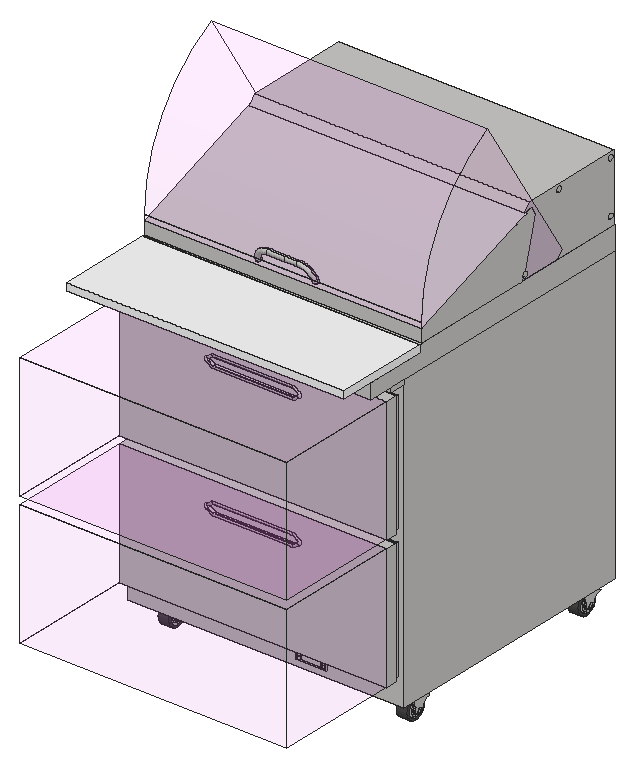
Revit family "QF_Kelvinator_738286_KCHMT29.12.2D_2-Drawer_Mega_Top_Prep_Table_29_Long", category Specialty Equipment, Revit 2021
Family settings
  Round Connector Dimension = Use Diameter
  Part Type = Normal
  Work Plane-Based = No
  Always vertical = Yes
  Cut with Voids When Loaded = No
  Shared = No
  Room Calculation Point = No
Parameters
  Weight in Pounds = 207.235
  Watts = 500 W
  Volts = 115 V
  URL Cutsheet = ""
  Specification by User = ""
  Specification by Manufacturer = ""
  Serial Number = ""
  Seismic Rating = ""
  SMACNA No = ""
  Revision Code = ""
  Refrigerant Type = "R290"
  Phase = 1
  Number of Poles = 1
  NAFEM Spec ID Number = ""
  Model = "738286 (KCHMT29.12.2D)"
  Min Ckt Ampacity = 0 A
  Max Overcurrent Protection = 0 A
  Masterspec = ""
  Manufacturer = "Kelvinator Commercial"
  Length = 28.937"
  Item Number = "738286"
  Installed By = ""
  Identify Quantity as Lot = yes
  Height = 43.307"
  HP = "1/5"
  Furnished By = ""
  Foodservice Equipment Identifier = yes
  FL Amps = 3 A
  Electrical Remarks = ""
  Electric Connection Type = ""
  Elec Conn RI Height = 0.000"
  Elec Conn Connection Height = 0.000"
  Description = "2-Drawer Mega Top Prep Table 29\" Long"
  Depth = 35.433"
  Default Elevation = 0.000"
  Cycle = 60 Hz
  Conn Plug = "5-15P"
  Conn Conduit = yes
  CSI MasterFormat = ""
  Apparent Power = 0 VA
Reference planes (in)
  plane 1 "BACK": y = 0
  plane 2: z = 0
  plane 3 "LEFT": x = 0
  plane 4 "RIGHT": x = 28.937
  plane 5 "FRONT": y = -35.433
  plane 6 "TOP": z = 43.307
  plane 7 "Center Y": x = 14.4685
  plane 8 "Center X": y = -17.7165
Dimensions and locks (in)
  equal spacing: plane 3 "LEFT", plane 7 "Center Y", plane 4 "RIGHT"
  "Length": plane 3 "LEFT" to plane 4 "RIGHT"
  equal spacing: plane 5 "FRONT", plane 8 "Center X", plane 1 "BACK"
  "Depth": plane 5 "FRONT" to plane 1 "BACK"
  "Height": plane 6 "TOP" to level
  aligned and locked: level to plane 2
Nested families (in)
  nested 1: "Family7" at (0, 0, 0), type "Family7"
    with Show Clearance yes
Connectors (in)
  electrical at (14.46875, -0.87772, 2.31881), driven by "Volts", driven by "Watts"
    settings: on nested 1, index 1, voltage 115 V, apparent load 500 VA, apparent load phase1 0 VA, apparent load phase2 0 VA, apparent load phase3 0 VA, power factor 1, load classification "Power", number of poles 1, system type 30, power factor state 1, is connector primary yes, connector utility no, sub classification motor no, connector description "Electrical Connection"
Definition of nested family "Family7"
  Parameters (values of type "Family7")
    Weight in Pounds = 0
    URL Cutsheet = ""
    Specification by User = ""
    Specification by Manufacturer = ""
    Show Clearance [instance] = yes
    Serial Number = ""
    Seismic Rating = ""
    SMACNA No = ""
    Revision Code = ""
    NAFEM Spec ID Number = ""
    Masterspec = ""
    Length = 28.937"
    Item Number = ""
    Installed By = ""
    Identify Quantity as Lot = yes
    Height = 43.307"
    Furnished By = ""
    Foodservice Equipment Identifier = yes
    Depth = 35.433"
    Default Elevation = 0.000"
    CSI MasterFormat = ""
  Reference planes (in)
    plane 1 "BACK": y = 0
    plane 2: z = 0
    plane 3 "LEFT": x = 0
    plane 4 "RIGHT": x = 28.937
    plane 5 "FRONT": y = -35.433
    plane 6 "TOP": z = 43.307
    plane 7 "Center Y": x = 14.4685
    plane 8 "Center X": y = -17.7165
    plane 9: z = 3.1
    plane 10: z = 33.9
    plane 11: y = -25.5
    plane 12: z = 36.307
    plane 13: y = -29.2
    plane 14: z = 32.4
    plane 15: z = 5.6
    plane 16: y = -27.5
    plane 17: x = 26.937
    plane 18: x = 2
    plane 19: y = -31.9
    plane 20: z = 19.4
    plane 21: z = 18.6
    plane 22: z = 32.20449
    plane 23: z = 19.6
    plane 24: z = 18.40449
    plane 25: z = 5.8
  Forms (in)
    Extrusion 1, solid
      sketch origin (0, 0, 0) x (0, 1, 0) y (0, 0, 1)
        loop
          line (-27.5, 33.9) -> (-27.5, 3.1) -> (0, 3.1) -> (0, 33.9) -> (-27.5, 33.9)
      from 0 to 28.9375
    Extrusion 2, solid
      sketch origin (0, 0, 0) x (0, 1, 0) y (0, 0, 1)
        loop
          line (-25.5, 36.307) -> (-25.5, 35.557) -> (-31.9, 35.557) -> (-31.9, 33.9) -> (0, 33.9) -> (0, 36.307) -> (-25.5, 36.307)
      from 0 to 28.9375
    Extrusion 3, solid
      sketch origin (0, 0, 0) x (0, 1, 0) y (0, 0, 1)
        loop
          line (-35.433, 36.307) -> (-35.433, 35.557) -> (-25.5, 35.557) -> (-25.5, 36.307) -> (-35.433, 36.307)
      from 0 to 28.9375
    Extrusion 4, solid
      sketch origin (0, 0, 0) x (0, 1, 0) y (0, 0, 1)
        loop
          line (-25.25, 36.307) -> (-12.40435, 36.3073)
          arc (-12.40435, 36.3073) -> (-12.06401, 36.40719) -> (-11.82007, 36.66468) r 0.68096
          line (-11.82007, 36.66468) -> (-10.4206, 41.90007) -> (-10.85311, 42.7135) -> (-25.25, 37.6239) -> (-25.25, 36.307)
      from 0 to 28.9375
    Extrusion 5, solid
      sketch origin (0, 0, 0) x (0, 1, 0) y (0, 0, 1)
        loop
          line (-12.40434, 36.307) -> (0, 36.307) -> (0, 43.307) -> (-10.99775, 43.307) -> (-11.58944, 42.46198) -> (-10.85311, 42.7135) -> (-10.4206, 41.90007) -> (-11.82007, 36.66468)
          arc (-11.82007, 36.66468) -> (-12.06401, 36.40719) -> (-12.40434, 36.307) r 0.68096
      from 0.07437 to 28.86109
    Extrusion 6, solid
      sketch origin (28.9375, 4.71875, 0) x (0, 1, 0) y (0, 0, 1)
        loop
          circle (-16.51178, 36.83247) r 0.25
      from 0 to 0.07437
    Extrusion 7, solid
      sketch origin (28.86109, 0, 0) x (0, 1, 0) y (0, 0, 1)
        loop
          circle (-0.51178, 37.33247) r 0.25
      from 0 to 0.07437
    Extrusion 8, solid
      sketch origin (28.86109, 0, 0) x (0, 1, 0) y (0, 0, 1)
        loop
          circle (-0.51178, 42.84497) r 0.25
      from 0 to 0.07641
    Extrusion 9, solid
      sketch origin (28.86109, 0, 0) x (0, 1, 0) y (0, 0, 1)
        loop
          circle (-7.26178, 42.84497) r 0.25
      from 0 to 0.07641
    Extrusion 10, solid
      sketch origin (0, 0, 0) x (0, 1, 0) y (0, 0, -1)
        loop
          circle (-12.25953, -36.83247) r 0.25
      from 0 to 0.07437
    Extrusion 11, solid
      sketch origin (0.11123, -0.03482, 0) x (0, 1, 0) y (0, 0, -1)
        loop
          circle (-0.51178, -37.33247) r 0.25
      from 0 to 0.07437
    Extrusion 12, solid
      sketch origin (0.07437, -0.03482, 0) x (0, 1, 0) y (0, 0, -1)
        loop
          circle (-0.51178, -42.84497) r 0.25
      from 0 to 0.07437
    Extrusion 13, solid
      sketch origin (0.07437, -0.03482, 0) x (0, 1, 0) y (0, 0, -1)
        loop
          circle (-7.26178, -42.84497) r 0.25
      from 0 to 0.07437
    Sweep 14, solid
      path origin (0, 3.99087, 8.19085) x (1, 0, 0) y (0, -0.323051, 0.946381)
        loop
          line (12.156, 37.2) -> (12.156, 37.35625)
          arc (12.156, 37.35625) -> (12.37567, 37.88658) -> (12.906, 38.10625) r 0.75
          line (12.906, 38.10625) -> (14.781, 38.10625) -> (16.031, 38.10625)
          arc (16.031, 38.10625) -> (16.56133, 37.88658) -> (16.781, 37.35625) r 0.75
          line (16.781, 37.35625) -> (16.781, 37.2)
      profile origin (15.406, -8.3194, 44.2539) x (0, -0.323051, 0.946381) y (0, -0.946381, -0.323051)
        loop
          circle (0.69146, 17.59878) r 0.25
    Extrusion 15, solid
      sketch origin (0, 0, 0) x (0, 1, 0) y (0, 0, 1)
        loop
          line (-29.2, 33.9) -> (-29.2, 33.4) -> (-27.5, 33.4) -> (-27.5, 33.9) -> (-29.2, 33.9)
      from 0 to 28.9375
    Extrusion 16, solid
      sketch origin (14.4685, 6.90541, 48) x (0, 1, 0) y (0, 0, 1)
        loop
          line (-36.10541, -15.6) -> (-36.10541, -28.6) -> (-34.95211, -28.6) -> (-34.95211, -15.6) -> (-36.10541, -15.6)
      from 13.96875 to -13.96875
    Extrusion 17, solid
      sketch origin (0, 0, 0) x (0, 1, 0) y (0, 0, 1)
        loop
          line (-28.04671, 32.20449) -> (-28.04671, 19.6) -> (-27.79671, 19.6) -> (-27.79671, 32.20449) -> (-28.04671, 32.20449)
      from 0.74536 to 28.21347
    Extrusion 18, solid
      sketch origin (0, 0.25, 0) x (0, 1, 0) y (0, 0, 1)
        loop
          line (-28.04671, 32.20449) -> (-28.04671, 19.6) -> (-27.864, 19.6) -> (-27.864, 32.20449) -> (-28.04671, 32.20449)
      from 0.74536 to 28.21347
    Extrusion 19, solid
      sketch origin (0, 0.4327, 0) x (0, 1, 0) y (0, 0, 1)
        loop
          line (-28.04671, 32.20449) -> (-28.04671, 19.6) -> (-27.9327, 19.6) -> (-27.9327, 32.20449) -> (-28.04671, 32.20449)
      from 0.74536 to 28.21347
    Extrusion 20, solid
      sketch origin (-5.72957, -27.5, -4.77927) x (-1, 0, 0) y (0, 0, 1)
        loop
          line (-23.36233, 9.70772) -> (-26.51193, 9.70772) -> (-26.51193, 8.52662) -> (-23.36233, 8.52662) -> (-23.36233, 9.70772)
        loop
          line (-23.44107, 9.63107) -> (-23.83477, 9.63107) -> (-23.83477, 9.31193) -> (-23.44107, 9.31193) -> (-23.44107, 9.63107)
        loop
          line (-23.44107, 9.27674) -> (-23.83477, 9.27674) -> (-23.83477, 8.9576) -> (-23.44107, 8.9576) -> (-23.44107, 9.27674)
        loop
          line (-23.44107, 8.92241) -> (-23.83477, 8.92241) -> (-23.83477, 8.60327) -> (-23.44107, 8.60327) -> (-23.44107, 8.92241)
        loop
          line (-26.43319, 9.63107) -> (-26.43319, 9.31193) -> (-26.03949, 9.31193) -> (-26.03949, 9.63107) -> (-26.43319, 9.63107)
        loop
          line (-26.43319, 9.27674) -> (-26.43319, 8.9576) -> (-26.03949, 8.9576) -> (-26.03949, 9.27674) -> (-26.43319, 9.27674)
        loop
          line (-26.43319, 8.92241) -> (-26.43319, 8.60327) -> (-26.03949, 8.60327) -> (-26.03949, 8.92241) -> (-26.43319, 8.92241)
        loop
          line (-23.91225, 9.63107) -> (-25.96201, 9.63107) -> (-25.96201, 8.60716) -> (-23.91225, 8.60716) -> (-23.91225, 9.63107)
      from 0.07874 to -0.04602
    Extrusion 21, solid
      sketch origin (-5.72957, -27.54602, -4.77927) x (1, 0, 0) y (0, 0, 1)
        loop
          line (26.03949, 9.63107) -> (26.03949, 9.31193) -> (26.43319, 9.31193) -> (26.43319, 9.63107) -> (26.03949, 9.63107)
        loop
          line (26.03949, 9.27674) -> (26.03949, 8.9576) -> (26.43319, 8.9576) -> (26.43319, 9.27674) -> (26.03949, 9.27674)
        loop
          line (26.03949, 8.92241) -> (26.03949, 8.60327) -> (26.43319, 8.60327) -> (26.43319, 8.92241) -> (26.03949, 8.92241)
        loop
          line (23.83477, 9.63107) -> (23.44107, 9.63107) -> (23.44107, 9.31193) -> (23.83477, 9.31193) -> (23.83477, 9.63107)
        loop
          line (23.83477, 9.27674) -> (23.44107, 9.27674) -> (23.44107, 8.9576) -> (23.83477, 8.9576) -> (23.83477, 9.27674)
        loop
          line (23.83477, 8.92241) -> (23.44107, 8.92241) -> (23.44107, 8.60327) -> (23.83477, 8.60327) -> (23.83477, 8.92241)
      from 0 to -0.07874
    Extrusion 22, solid
      sketch origin (-5.72957, -27.54602, -4.77927) x (1, 0, 0) y (0, 0, 1)
        loop
          line (23.91225, 9.63107) -> (23.91225, 8.60716) -> (25.96201, 8.60716) -> (25.96201, 9.63107) -> (23.91225, 9.63107)
      from 0 to -0.07874
    Extrusion 23, void
      sketch origin (-5.72957, -27.5, -4.77927) x (-1, 0, 0) y (0, 0, 1)
        loop
          line (-23.36233, 9.70772) -> (-26.51193, 9.70772) -> (-26.51193, 8.52662) -> (-23.36233, 8.52662) -> (-23.36233, 9.70772)
      from 0 to 0.07874
    Extrusion 24, void
      sketch origin (-15.80943, -29.19996, 32.2056) x (0, 0, 1) y (1, 0, 0)
        loop
          line (-1.94791, 26.10293) -> (-1.94791, 34.45293) -> (-2.28604, 34.99393)
          arc (-2.28604, 34.99393) -> (-2.38541, 35.04901) -> (-2.48479, 34.99393) r 0.11719
          line (-2.48479, 34.99393) -> (-2.82291, 34.45293) -> (-2.82291, 26.10293) -> (-2.48621, 25.56421)
          arc (-2.48621, 25.56421) -> (-2.38541, 25.50834) -> (-2.28462, 25.56421) r 0.11887
          line (-2.28462, 25.56421) -> (-1.94791, 26.10293)
      from 0 to 0.31887
    Sweep 25, solid
      path origin (-15.80943, -26.39996, 32.2056) x (0, 0, -1) y (1, 0, 0)
        loop
          line (2.82291, 34.45293) -> (2.48479, 34.99393)
          arc (2.48479, 34.99393) -> (2.38541, 35.04901) -> (2.28604, 34.99393) r 0.11719
          line (2.28604, 34.99393) -> (1.94791, 34.45293) -> (1.94791, 26.10293) -> (2.28462, 25.56421)
          arc (2.28462, 25.56421) -> (2.38541, 25.50834) -> (2.48621, 25.56421) r 0.11887
          line (2.48621, 25.56421) -> (2.82291, 26.10293) -> (2.82291, 34.45293)
      profile origin (14.4685, -26.39996, 29.38269) x (0, 0, -1) y (0, -1, 0)
        loop
          line (0, 2.8) -> (0.25, 2.8)
          arc (0.25, 2.8) -> (0.125, 2.85269) -> (0, 2.8) r 0.17461
    Extrusion 26, solid
      sketch origin (0, -3.56521, 3.1) x (-1, 0, 0) y (0, 1, 0)
        loop
          circle (-14.46875, 2.68749) r 0.25
      from 0 to 0.78119
    Extrusion 27, solid
      sketch origin (14.4685, 6.90541, 34.2) x (0, 1, 0) y (0, 0, 1)
        loop
          line (-36.10541, -15.6) -> (-36.10541, -28.6) -> (-34.95211, -28.6) -> (-34.95211, -15.6) -> (-36.10541, -15.6)
      from 13.96875 to -13.96875
    Extrusion 28, solid
      sketch origin (0, 0, -13.8) x (0, 1, 0) y (0, 0, 1)
        loop
          line (-28.04671, 32.20449) -> (-28.04671, 19.6) -> (-27.79671, 19.6) -> (-27.79671, 32.20449) -> (-28.04671, 32.20449)
      from 0.74536 to 28.21347
    Extrusion 29, solid
      sketch origin (0, 0.25, -13.8) x (0, 1, 0) y (0, 0, 1)
        loop
          line (-28.04671, 32.20449) -> (-28.04671, 19.6) -> (-27.864, 19.6) -> (-27.864, 32.20449) -> (-28.04671, 32.20449)
      from 0.74536 to 28.21347
    Extrusion 30, solid
      sketch origin (0, 0.4327, -13.8) x (0, 1, 0) y (0, 0, 1)
        loop
          line (-28.04671, 32.20449) -> (-28.04671, 19.6) -> (-27.9327, 19.6) -> (-27.9327, 32.20449) -> (-28.04671, 32.20449)
      from 0.74536 to 28.21347
    Extrusion 31, void
      sketch origin (-15.80943, -29.19996, 18.4056) x (0, 0, 1) y (1, 0, 0)
        loop
          line (-1.94791, 26.10293) -> (-1.94791, 34.45293) -> (-2.28604, 34.99393)
          arc (-2.28604, 34.99393) -> (-2.38541, 35.04901) -> (-2.48479, 34.99393) r 0.11719
          line (-2.48479, 34.99393) -> (-2.82291, 34.45293) -> (-2.82291, 26.10293) -> (-2.48621, 25.56421)
          arc (-2.48621, 25.56421) -> (-2.38541, 25.50834) -> (-2.28462, 25.56421) r 0.11887
          line (-2.28462, 25.56421) -> (-1.94791, 26.10293)
      from 0 to 0.31887
    Sweep 32, solid
      path origin (-15.80943, -26.39996, 18.4056) x (0, 0, -1) y (1, 0, 0)
        loop
          line (2.82291, 34.45293) -> (2.48479, 34.99393)
          arc (2.48479, 34.99393) -> (2.38541, 35.04901) -> (2.28604, 34.99393) r 0.11719
          line (2.28604, 34.99393) -> (1.94791, 34.45293) -> (1.94791, 26.10293) -> (2.28462, 25.56421)
          arc (2.28462, 25.56421) -> (2.38541, 25.50834) -> (2.48621, 25.56421) r 0.11887
          line (2.48621, 25.56421) -> (2.82291, 26.10293) -> (2.82291, 34.45293)
      profile origin (14.4685, -26.39996, 15.58269) x (0, 0, -1) y (0, -1, 0)
        loop
          line (0, 2.8) -> (0.25, 2.8)
          arc (0.25, 2.8) -> (0.125, 2.85269) -> (0, 2.8) r 0.17461
    Extrusion 33, solid, visible <- "Show Clearance"
      sketch origin (28.43725, 6.90541, 48) x (0, 1, 0) y (0, 0, 1)
        loop
          line (-36.10541, -28.6) -> (-36.10541, -15.6) -> (-49.10541, -15.6) -> (-49.10541, -28.6) -> (-36.10541, -28.6)
        loop
          line (-36.10541, -42.4) -> (-36.10541, -29.4) -> (-49.10541, -29.4) -> (-49.10541, -42.4) -> (-36.10541, -42.4)
      from 0 to -27.9375
    Extrusion 34, solid, visible <- "Show Clearance"
      sketch origin (0, -7, -0.0125) x (0, -1, 0) y (0, 0, 1)
        loop
          line (0.46898, 36.3195) -> (18.25, 36.3195) -> (18.25, 38.20821)
          arc (18.25, 38.20821) -> (15.89455, 46.6191) -> (9.51337, 52.58332) r 16.19461
          line (9.51337, 52.58332) -> (-0.20479, 36.9478) -> (0.46898, 36.3195)
      from 0 to -28.9375
  Cuts and joins
    Extrusion 23 cuts Extrusion 20
    Extrusion 24, Extrusion 31 cuts Extrusion 16
    Extrusion 31 cuts Extrusion 27
  Lines and regions (in)
    symbolic lines
      curve 1: line (28.937, -35.433, 0) -> (28.937, 0, 0)
      curve 2: line (28.937, 0, 0) -> (0, 0, 0)
      curve 3: line (0, 0, 0) -> (0, -35.433, 0)
      curve 4: line (0, -25.5, 0) -> (11.94915, -25.5, 0)
      curve 5: line (0, -35.433, 0) -> (28.937, -35.433, 0)
      curve 6: line (0, -25.25, 0) -> (11.6887, -25.25, 0)
      curve 7: line (0.07437, -11.58944, 0) -> (28.86059, -11.58944, 0)
      curve 8: line (0.07437, -10.99775, 0) -> (28.86059, -10.99775, 0)
      curve 9: line (28.86059, -11.58944, 0) -> (28.86059, 0, 0)
      curve 10: line (0.07437, -11.58944, 0) -> (0.07437, 0, 0)
      curve 11: line (-0.07437, -12.50953, 0) -> (-0.07437, -12.00953, 0)
      curve 12: line (-0.07437, -12.00953, 0) -> (0, -12.00953, 0)
      curve 13: line (-0.07437, -12.50953, 0) -> (0, -12.50953, 0)
      curve 14: line (0, -10.4206, 0) -> (0.07437, -10.4206, 0)
      curve 15: line (0, -10.85311, 0) -> (0.07437, -10.85311, 0)
      curve 16: line (0, -8.01304, 0) -> (0.07437, -8.01304, 0)
      curve 17: line (0, -7.5129, 0) -> (0.07437, -7.5129, 0)
      curve 18: line (0, -0.29529, 0) -> (0.07437, -0.29529, 0)
      curve 19: line (0, -0.79529, 0) -> (0.07437, -0.79529, 0)
      curve 20: line (29.01137, -12.50953, 0) -> (29.01137, -12.00953, 0)
      curve 21: line (29.01137, -12.00953, 0) -> (28.937, -12.00953, 0)
      curve 22: line (29.01137, -12.50953, 0) -> (28.937, -12.50953, 0)
      curve 23: line (28.937, -10.4206, 0) -> (28.86059, -10.4206, 0)
      curve 24: line (28.937, -10.85311, 0) -> (28.86059, -10.85311, 0)
      curve 25: line (28.937, -7.97828, 0) -> (28.86059, -7.97828, 0)
      curve 26: line (28.937, -7.47828, 0) -> (28.86059, -7.47828, 0)
      curve 27: line (28.937, -0.76178, 0) -> (28.86059, -0.76178, 0)
      curve 28: line (28.937, -0.26178, 0) -> (28.86059, -0.26178, 0)
      curve 29: spline (11.21454, -24.65351, 0) -> (11.22306, -24.59638, 0) -> (11.24803, -24.54314, 0) -> (11.28776, -24.49742, 0) -> (11.33954, -24.46234, 0) -> (11.39984, -24.44029, 0) -> (11.46454, -24.43277, 0) -> (11.52925, -24.44029, 0) -> (11.58954, -24.46234, 0) -> (11.64132, -24.49742, 0) -> (11.68105, -24.54314, 0) -> (11.70602, -24.59638, 0) -> (11.71454, -24.65351, 0)
      curve 30: spline (17.22246, -24.65351, 0) -> (17.23098, -24.59638, 0) -> (17.25595, -24.54314, 0) -> (17.29568, -24.49742, 0) -> (17.34746, -24.46234, 0) -> (17.40775, -24.44029, 0) -> (17.47246, -24.43277, 0) -> (17.53716, -24.44029, 0) -> (17.59746, -24.46234, 0) -> (17.64924, -24.49742, 0) -> (17.68897, -24.54314, 0) -> (17.71394, -24.59638, 0) -> (17.72246, -24.65351, 0)
      curve 31: line (14.4685, -24.94775, 0) -> (16.20646, -24.94775, 0)
      curve 32: line (14.4685, -25.44761, 0) -> (16.19122, -25.44761, 0)
      curve 33: line (17.72246, -24.65351, 0) -> (17.72246, -24.76273, 0)
      curve 34: line (17.22246, -24.65351, 0) -> (17.22246, -24.70254, 0)
      curve 35: line (14.4685, -24.94775, 0) -> (12.83564, -24.94775, 0)
      curve 36: line (14.4685, -25.44761, 0) -> (12.74578, -25.44761, 0)
      curve 37: line (11.21454, -24.65351, 0) -> (11.21454, -24.76273, 0)
      curve 38: line (11.71454, -24.65351, 0) -> (11.71454, -24.70254, 0)
      curve 39: line (17.2483, -25.25, 0) -> (28.937, -25.25, 0)
      curve 40: line (11.94915, -25.5, 0) -> (28.937, -25.5, 0)
      curve 44: arc (17.22246, -24.70254, 0) -> (16.72905, -24.88558, 0) -> (16.20646, -24.94775, 0) r 2.22739
      curve 45: arc (11.71454, -24.70254, 0) -> (12.24241, -24.89361, 0) -> (12.80129, -24.94663, 0) r 2.22739
      curve 46: arc (12.83564, -24.94775, 0) -> (12.81847, -24.94693, 0) -> (12.80129, -24.94663, 0) r 0.57427
      curve 47: arc (17.72246, -24.76273, 0) -> (17.63163, -24.99217, 0) -> (17.44709, -25.156, 0) r 0.53229
      curve 48: arc (17.44709, -25.156, 0) -> (17.12632, -25.29612, 0) -> (16.78727, -25.38319, 0) r 2.1837
      curve 49: arc (16.78727, -25.38319, 0) -> (16.49027, -25.42486, 0) -> (16.19122, -25.44761, 0) r 4.72583
      curve 50: arc (11.21454, -24.76273, 0) -> (11.30537, -24.99217, 0) -> (11.48991, -25.156, 0) r 0.53229
      curve 51: arc (11.48991, -25.156, 0) -> (11.81068, -25.29612, 0) -> (12.14973, -25.38319, 0) r 2.1837
      curve 52: arc (12.14973, -25.38319, 0) -> (12.44673, -25.42486, 0) -> (12.74578, -25.44761, 0) r 4.72583
    symbolic lines, visible <- "Show Clearance"
      curve 41: line (0.5, -43.133, 0) -> (28.437, -43.133, 0)
      curve 42: line (28.437, -43.133, 0) -> (28.437, -35.433, 0)
      curve 43: line (0.5, -43.133, 0) -> (0.5, -35.433, 0)
  Dimensions and locks (in)
    equal spacing: plane 3 "LEFT", plane 7 "Center Y", plane 4 "RIGHT"
    "Length": plane 3 "LEFT" to plane 4 "RIGHT"
    equal spacing: plane 5 "FRONT", plane 8 "Center X", plane 1 "BACK"
    "Depth": plane 5 "FRONT" to plane 1 "BACK"
    "Height": plane 6 "TOP" to level
    plane 5 "FRONT" to plane 1 "BACK" = 35.433"
    plane 11 to plane 1 "BACK" = 25.500"
    locked: plane 4 "RIGHT" to plane 17 at 2
    locked: plane 3 "LEFT" to plane 18 at 2
    plane 19 to plane 1 "BACK" = 31.900"
    plane 12 to plane 6 "TOP" = 7.000"
    level to plane 12 = 36.307"
    plane 15 to plane 21 = 13.000"
    plane 20 to plane 14 = 13.000"
    Extrusion 17 to Extrusion 16 = 12.800"
    aligned and locked: level to plane 2
    aligned and locked: plane 17 to nested 1
    aligned and locked: nested 2 to plane 18
  Automatic sketch dimensions
    plane 9 to Extrusion 1 sketch curve = 0.000"
    Extrusion 1 sketch curve to plane 16 = 0.000"
    Extrusion 1 sketch curve to plane 1 "BACK" = 0.000"
    Extrusion 1 sketch curve to plane 10 = 0.000"
    Extrusion 2 sketch curve to plane 10 = 0.000"
    Extrusion 2 sketch curve to plane 19 = 0.000"
    Extrusion 2 sketch curve to plane 11 = 0.000"
    Extrusion 2 sketch curve to plane 1 "BACK" = 0.000"
    plane 12 to Extrusion 2 sketch curve = 0.000"
    Extrusion 2 sketch curve to Extrusion 2 sketch curve = 0.750"
    Extrusion 3 sketch curve to plane 5 "FRONT" = 0.000"
    Extrusion 3 sketch curve to plane 11 = 0.000"
    plane 12 to Extrusion 3 sketch curve = 0.000"
    Extrusion 3 sketch curve to Extrusion 3 sketch curve = 0.750"
    plane 12 to Extrusion 4 sketch curve = 0.000"
    Extrusion 4 sketch curve to plane 11 = 0.250"
    Extrusion 4 sketch curve to plane 12 = 0.6811"
    plane 8 "Center X" to Extrusion 4 sketch curve = 5.29717"
    Extrusion 4 sketch curve to plane 12 = 0.35768"
    Extrusion 4 sketch curve to Extrusion 4 sketch curve = 0.59925"
    Extrusion 4 sketch curve to plane 6 "TOP" = 0.5935"
    Extrusion 4 sketch curve to Extrusion 4 sketch curve = 1.56621"
    Extrusion 4 sketch curve to plane 6 "TOP" = 1.40693"
    Extrusion 4 sketch curve to Extrusion 4 sketch curve = 0.43251"
    Extrusion 4 sketch curve to plane 12 = 1.3169"
    Extrusion 4 sketch curve to plane 12 = 0.0003"
    Extrusion 4 sketch curve to Extrusion 4 sketch curve = 0.00001"
    plane 12 to Extrusion 5 sketch curve = 0.000"
    Extrusion 5 sketch curve to plane 6 "TOP" = 0.000"
    Extrusion 5 sketch curve to plane 1 "BACK" = 0.000"
    Extrusion 5 sketch curve to plane 6 "TOP" = 1.40693"
    plane 8 "Center X" to Extrusion 5 sketch curve = 7.2959"
    Extrusion 5 sketch curve to plane 6 "TOP" = 0.5935"
    Extrusion 5 sketch curve to Extrusion 5 sketch curve = 0.43251"
    Extrusion 5 sketch curve to Extrusion 5 sketch curve = 0.14464"
    Extrusion 5 sketch curve to plane 6 "TOP" = 0.84502"
    Extrusion 5 sketch curve to Extrusion 5 sketch curve = 0.73633"
    Extrusion 5 sketch curve to plane 12 = 0.35768"
    Extrusion 5 sketch curve to Extrusion 5 sketch curve = 1.39947"
    Extrusion 5 sketch curve to Extrusion 5 sketch curve = 0.59925"
    Extrusion 5 sketch curve to Extrusion 5 sketch curve = 0.32342"
    Extrusion 5 sketch curve to Extrusion 5 sketch curve = 0.01499"
    Extrusion 5 sketch curve to plane 12 = 0.0003"
    Extrusion 6 sketch curve to Extrusion 4 = 0.52547"
    Extrusion 6 sketch curve to Extrusion 4 = 13.45697"
    Extrusion 7 sketch curve to Extrusion 5 = 0.51178"
    Extrusion 7 sketch curve to Extrusion 5 = 1.02547"
    Extrusion 8 sketch curve to Extrusion 5 = 0.51178"
    Extrusion 8 sketch curve to Extrusion 5 = 0.46203"
    Extrusion 9 sketch curve to Extrusion 5 = 0.46203"
    Extrusion 9 sketch curve to Extrusion 5 = 7.26178"
    Extrusion 10 sketch curve to plane 12 = 0.52547"
    plane 8 "Center X" to Extrusion 10 sketch curve = 5.45697"
    plane 1 "BACK" to Extrusion 11 sketch curve = 0.5466"
    Extrusion 11 sketch curve to plane 12 = 1.02547"
    plane 1 "BACK" to Extrusion 12 sketch curve = 0.5466"
    Extrusion 12 sketch curve to plane 6 "TOP" = 0.46203"
    Extrusion 13 sketch curve to plane 6 "TOP" = 0.46203"
    plane 1 "BACK" to Extrusion 13 sketch curve = 7.2966"
    Sweep 14 sketch curve to plane 7 "Center Y" = 2.3125"
    Sweep 14 sketch curve to Sweep 14 sketch curve = 0.750"  (x2)
    plane 7 "Center Y" to Sweep 14 sketch curve = 0.3125"
    Sweep 14 sketch curve to Sweep 14 sketch curve = 1.250"
    Sweep 14 sketch curve to Sweep 14 sketch curve = 0.15625"  (x2)
    Sweep 14 sketch curve to profile plane = 0.69146"
    profile plane to Sweep 14 sketch curve = 17.59878"
    Extrusion 15 sketch curve to plane 10 = 0.000"
    Extrusion 15 sketch curve to plane 13 = 0.000"
    Extrusion 15 sketch curve to plane 16 = 0.000"
    Extrusion 15 sketch curve to Extrusion 15 sketch curve = 0.500"
    Extrusion 16 sketch curve to plane 13 = 0.000"
    plane 20 to Extrusion 16 sketch curve = 0.000"
    plane 14 to Extrusion 16 sketch curve = 0.000"
    Extrusion 16 sketch curve to plane 16 = 0.54671"
    Extrusion 17 sketch curve to plane 23 = 0.000"
    Extrusion 17 sketch curve to plane 22 = 0.000"
    Extrusion 17 sketch curve to plane 16 = 0.54671"
    Extrusion 17 sketch curve to Extrusion 17 sketch curve = 0.250"
    Extrusion 18 sketch curve to plane 23 = 0.000"
    Extrusion 18 sketch curve to plane 22 = 0.000"
    Extrusion 18 sketch curve to plane 16 = 0.29671"
    Extrusion 18 sketch curve to plane 16 = 0.114"
    Extrusion 19 sketch curve to plane 23 = 0.000"
    Extrusion 19 sketch curve to plane 22 = 0.000"
    Extrusion 19 sketch curve to plane 16 = 0.000"
    Extrusion 19 sketch curve to Extrusion 19 sketch curve = 0.114"
    plane 15 to Extrusion 20 sketch curve = 0.67154"
    Extrusion 20 sketch curve to plane 17 = 6.15464"
    Extrusion 20 sketch curve to Extrusion 20 sketch curve = 0.07874"  (x3)
    Extrusion 20 sketch curve to Extrusion 20 sketch curve = 0.000"  (x7)
    Extrusion 20 sketch curve to Extrusion 20 sketch curve = 0.3937"  (x2)
    Extrusion 20 sketch curve to Extrusion 20 sketch curve = 0.07748"  (x3)
    Extrusion 20 sketch curve to plane 9 = 0.72789"
    Extrusion 20 sketch curve to Extrusion 20 sketch curve = 2.04976"
    Extrusion 20 sketch curve to Extrusion 20 sketch curve = 0.00389"  (x2)
    Extrusion 20 sketch curve to Extrusion 20 sketch curve = 0.07665"  (x3)
    Extrusion 20 sketch curve to Extrusion 20 sketch curve = 0.31914"  (x4)
    Extrusion 20 sketch curve to Extrusion 20 sketch curve = 0.03519"  (x4)
    Extrusion 20 to Extrusion 21 sketch curve = 0.000"  (x10)
    Extrusion 21 sketch curve to Extrusion 20 = 0.000"  (x14)
    Extrusion 22 sketch curve to Extrusion 20 = 0.000"  (x3)
    Extrusion 20 to Extrusion 22 sketch curve = 0.000"
    plane 15 to Extrusion 23 sketch curve = 0.67154"
    Extrusion 23 sketch curve to plane 17 = 6.15464"
    Extrusion 23 sketch curve to plane 9 = 0.64735"
    Extrusion 23 sketch curve to Extrusion 23 sketch curve = 3.14961"
    Extrusion 24 sketch curve to plane 22 = 2.8218"
    Extrusion 24 sketch curve to Extrusion 24 sketch curve = 0.3367"
    Extrusion 24 sketch curve to Extrusion 24 sketch curve = 0.33813"  (x2)
    Extrusion 24 sketch curve to Extrusion 24 sketch curve = 0.09937"  (x2)
    Extrusion 24 sketch curve to Extrusion 24 sketch curve = 0.1008"  (x2)
    Extrusion 24 sketch curve to plane 7 "Center Y" = 4.71372"
    Extrusion 24 sketch curve to Extrusion 24 sketch curve = 0.063"
    Extrusion 24 sketch curve to Extrusion 24 sketch curve = 0.53872"  (x2)
    plane 7 "Center Y" to Extrusion 24 sketch curve = 4.175"
    Extrusion 24 sketch curve to Extrusion 24 sketch curve = 0.000"
    Extrusion 24 sketch curve to Extrusion 24 sketch curve = 0.47889"
    Extrusion 24 sketch curve to Extrusion 24 sketch curve = 0.06211"
    Sweep 25 sketch curve to plane 22 = 1.9468"
    Sweep 25 sketch curve to Sweep 25 sketch curve = 0.3367"
    Sweep 25 sketch curve to Sweep 25 sketch curve = 0.33813"  (x2)
    Sweep 25 sketch curve to Sweep 25 sketch curve = 0.09937"  (x2)
    Sweep 25 sketch curve to Sweep 25 sketch curve = 0.1008"  (x2)
    Sweep 25 sketch curve to plane 7 "Center Y" = 4.71372"
    Sweep 25 sketch curve to Sweep 25 sketch curve = 0.063"
    Sweep 25 sketch curve to Sweep 25 sketch curve = 0.53872"  (x2)
    plane 7 "Center Y" to Sweep 25 sketch curve = 4.175"
    Sweep 25 sketch curve to Sweep 25 sketch curve = 0.000"
    Sweep 25 sketch curve to Sweep 25 sketch curve = 0.47889"
    Sweep 25 sketch curve to Sweep 25 sketch curve = 0.06211"
    Sweep 25 sketch curve to profile plane = 0.000"
    Sweep 25 sketch curve to profile plane = 0.125"
    profile plane to Sweep 25 sketch curve = 2.67809"
    Sweep 25 sketch curve to Sweep 25 sketch curve = 0.12191"
    Extrusion 1 to Extrusion 26 sketch curve = 0.87772"
    Extrusion 26 sketch curve to Extrusion 1 = 14.46875"
    Extrusion 27 sketch curve to plane 13 = 0.000"
    plane 15 to Extrusion 27 sketch curve = 0.000"
    plane 21 to Extrusion 27 sketch curve = 0.000"
    Extrusion 27 sketch curve to plane 16 = 0.54671"
    Extrusion 28 sketch curve to plane 25 = 0.000"
    Extrusion 28 sketch curve to plane 24 = 0.000"
    Extrusion 28 sketch curve to plane 16 = 0.54671"
    Extrusion 28 sketch curve to Extrusion 28 sketch curve = 0.250"
    Extrusion 29 sketch curve to plane 25 = 0.000"
    Extrusion 29 sketch curve to plane 24 = 0.000"
    Extrusion 29 sketch curve to plane 16 = 0.29671"
    Extrusion 29 sketch curve to plane 16 = 0.114"
    Extrusion 30 sketch curve to plane 25 = 0.000"
    Extrusion 30 sketch curve to plane 24 = 0.000"
    Extrusion 30 sketch curve to plane 16 = 0.000"
    Extrusion 30 sketch curve to Extrusion 30 sketch curve = 0.114"
    Extrusion 31 sketch curve to plane 24 = 2.8218"
    Extrusion 31 sketch curve to Extrusion 31 sketch curve = 0.3367"
    Extrusion 31 sketch curve to Extrusion 31 sketch curve = 0.33813"  (x2)
    Extrusion 31 sketch curve to Extrusion 31 sketch curve = 0.09937"  (x2)
    Extrusion 31 sketch curve to Extrusion 31 sketch curve = 0.1008"  (x2)
    Extrusion 31 sketch curve to plane 7 "Center Y" = 4.71372"
    Extrusion 31 sketch curve to Extrusion 31 sketch curve = 0.063"
    Extrusion 31 sketch curve to Extrusion 31 sketch curve = 0.53872"  (x2)
    plane 7 "Center Y" to Extrusion 31 sketch curve = 4.175"
    Extrusion 31 sketch curve to Extrusion 31 sketch curve = 0.000"
    Extrusion 31 sketch curve to Extrusion 31 sketch curve = 0.47889"
    Extrusion 31 sketch curve to Extrusion 31 sketch curve = 0.06211"
    Sweep 32 sketch curve to plane 24 = 1.9468"
    Sweep 32 sketch curve to Sweep 32 sketch curve = 0.3367"
    Sweep 32 sketch curve to Sweep 32 sketch curve = 0.33813"  (x2)
    Sweep 32 sketch curve to Sweep 32 sketch curve = 0.09937"  (x2)
    Sweep 32 sketch curve to Sweep 32 sketch curve = 0.1008"  (x2)
    Sweep 32 sketch curve to plane 7 "Center Y" = 4.71372"
    Sweep 32 sketch curve to Sweep 32 sketch curve = 0.063"
    Sweep 32 sketch curve to Sweep 32 sketch curve = 0.53872"  (x2)
    plane 7 "Center Y" to Sweep 32 sketch curve = 4.175"
    Sweep 32 sketch curve to Sweep 32 sketch curve = 0.000"
    Sweep 32 sketch curve to Sweep 32 sketch curve = 0.47889"
    Sweep 32 sketch curve to Sweep 32 sketch curve = 0.06211"
    Sweep 32 sketch curve to profile plane = 0.000"
    Sweep 32 sketch curve to profile plane = 0.125"
    profile plane to Sweep 32 sketch curve = 2.67809"
    Sweep 32 sketch curve to Sweep 32 sketch curve = 0.12191"
    plane 1 "BACK" to curve 3 = 0.000"
    curve 3 to plane 3 "LEFT" = 0.000"
    plane 5 "FRONT" to curve 43 = 0.000"
    plane 11 to curve 40 = 0.000"
    curve 31 to plane 7 "Center Y" = 0.000"
    curve 32 to plane 7 "Center Y" = 0.000"
    curve 24 to plane 4 "RIGHT" = 0.000"
    curve 11 to plane 3 "LEFT" = 0.07437"
    plane 3 "LEFT" to curve 7 = 0.07437"
    plane 3 "LEFT" to curve 41 = 0.500"
    curve 37 to plane 11 = 0.73727"
    curve 37 to plane 7 "Center Y" = 3.25396"
    curve 29 to curve 38 = 0.500"
    curve 45 to curve 50 = 0.02686"
    curve 45 to curve 40 = 0.23461"
    curve 29 to curve 51 = 0.80709"
    curve 51 to curve 45 = 0.20891"
    curve 36 to plane 11 = 0.05239"
    curve 4 to curve 36 = 0.79662"
    plane 11 to curve 46 = 0.0209"
    curve 52 to curve 46 = 0.05391"
    curve 52 to curve 35 = 0.08986"
    curve 52 to plane 7 "Center Y" = 1.51393"
    plane 7 "Center Y" to curve 49 = 1.51393"
    plane 7 "Center Y" to curve 32 = 1.72272"
    curve 49 to curve 31 = 0.01524"
    curve 44 to curve 48 = 0.20891"
    curve 31 to curve 47 = 0.98914"
    curve 47 to curve 34 = 0.02686"
    curve 34 to curve 33 = 0.500"
    plane 4 "RIGHT" to curve 41 = 0.500"
    plane 4 "RIGHT" to curve 9 = 0.07641"
    curve 21 to plane 4 "RIGHT" = 0.07437"
    plane 5 "FRONT" to curve 42 = 7.700"
    curve 49 to curve 31 = 0.49986"
    curve 33 to plane 11 = 0.73727"
    curve 50 to curve 38 = 0.06019"
    curve 33 to curve 34 = 0.06019"
    curve 44 to curve 47 = 0.01568"
    curve 45 to curve 50 = 0.01568"
    curve 33 to curve 33 = 0.10922"
    curve 37 to curve 37 = 0.10922"
    curve 48 to curve 44 = 0.51103"
    curve 29 to curve 51 = 1.42211"
    curve 51 to curve 45 = 0.51103"
    curve 44 to curve 49 = 1.99397"
    curve 45 to curve 52 = 1.99397"
    plane 8 "Center X" to curve 13 = 5.20697"
    plane 8 "Center X" to curve 20 = 5.20697"
    curve 11 to curve 12 = 0.500"
    curve 20 to curve 21 = 0.500"
    curve 21 to curve 9 = 0.4201"
    curve 51 to curve 50 = 0.000"
    curve 51 to curve 6 = 0.19879"
    curve 48 to curve 49 = 0.000"
    curve 39 to curve 48 = 0.19879"
    curve 7 to curve 8 = 0.59169"
    curve 8 to curve 24 = 0.14464"
    curve 8 to curve 15 = 0.14464"
    curve 15 to curve 14 = 0.43251"
    curve 24 to curve 23 = 0.43251"
    curve 14 to curve 16 = 2.40757"
    curve 23 to curve 25 = 2.44232"
    curve 16 to curve 17 = 0.50013"
    curve 25 to curve 26 = 0.500"
    plane 1 "BACK" to curve 19 = 0.79529"
    plane 1 "BACK" to curve 27 = 0.76178"
    plane 1 "BACK" to curve 18 = 0.29529"
    plane 1 "BACK" to curve 28 = 0.26178"
    Extrusion 33 sketch curve to Extrusion 16 = 0.000"  (x4)
    Extrusion 16 to Extrusion 33 sketch curve = 0.800"
    Extrusion 16 to Extrusion 33 sketch curve = 13.000"  (x2)
    Extrusion 33 sketch curve to Extrusion 33 sketch curve = 13.000"
    Extrusion 34 sketch curve to Extrusion 4 = 0.000"  (x2)
    Extrusion 34 sketch curve to Extrusion 34 sketch curve = 1.5864"
    Extrusion 34 sketch curve to Extrusion 4 = 0.6283"
    Extrusion 34 sketch curve to Extrusion 34 sketch curve = 0.67377"
    Extrusion 34 sketch curve to Extrusion 4 = 8.73663"
    Extrusion 34 sketch curve to Extrusion 4 = 17.78102"
    Extrusion 34 sketch curve to Extrusion 4 = 1.88871"
    radius of Extrusion 6 sketch curve = 0.250"
    radius of Extrusion 7 sketch curve = 0.250"
    radius of Extrusion 8 sketch curve = 0.250"
    radius of Extrusion 9 sketch curve = 0.250"
    radius of Extrusion 10 sketch curve = 0.250"
    radius of Extrusion 11 sketch curve = 0.250"
    radius of Extrusion 12 sketch curve = 0.250"
    radius of Extrusion 13 sketch curve = 0.250"
    radius of Sweep 14 sketch curve = 0.250"
    radius of Extrusion 26 sketch curve = 0.250"
  Nested families (in)
    nested 1: "3 INCHES 01_CASTER" at (26.937, -24.75, 0), type "3 INCHES 01_CASTER"
      with Type Mark "", Specification by User "", Revision Code "", Item Number "", Installed By "", Identify Quantity as Lot yes, Furnished By "", Foodservice Equipment Identifier yes, 3 Inches Caster yes
    nested 2: "3 INCHES 01_CASTER" at (2, -24.75, 0), type "3 INCHES 01_CASTER"
      with Type Mark "", Specification by User "", Revision Code "", Item Number "", Installed By "", Identify Quantity as Lot yes, Furnished By "", Foodservice Equipment Identifier yes, 3 Inches Caster yes
    nested 3: "3 INCHES 01_CASTER" at (26.9375, -2.375, 0), type "3 INCHES 01_CASTER"
      with Type Mark "", Specification by User "", Revision Code "", Item Number "", Installed By "", Identify Quantity as Lot yes, Furnished By "", Foodservice Equipment Identifier yes, 3 Inches Caster yes
    nested 4: "3 INCHES 01_CASTER" at (2, -2.375, 0), type "3 INCHES 01_CASTER"
      with Type Mark "", Specification by User "", Revision Code "", Item Number "", Installed By "", Identify Quantity as Lot yes, Furnished By "", Foodservice Equipment Identifier yes, 3 Inches Caster yes
  Definition of nested family "3 INCHES 01_CASTER"
    Parameters (values of type "3 INCHES 01_CASTER")
      Weight = ""
      URL Manufacturer = ""
      URL Cutsheet = ""
      URL = ""
      Type Mark [instance] = ""
      Specification by User [instance] = ""
      Specification by Manufacturer = ""
      Serial Number = ""
      Seismic Rating = ""
      SMACNA No = ""
      Revision Code [instance] = ""
      Omniclass Number and Title = ""
      NAFEM Spec ID Number = ""
      Model = ""
      MasterSpec. = ""
      Manufacturer = ""
      Item Number [instance] = ""
      Installed By [instance] = ""
      Identify Quantity as Lot [instance] = yes
      Furnished By [instance] = ""
      Foodservice Equipment Identifier [instance] = yes
      Description = ""
      Default Elevation = 0.000"
      CSI MasterFormat = ""
      CSI Master Format = ""
      Assembly Code = ""
      3 Inches Caster [instance] = yes
    Reference planes (in)
      plane 1: z = 0
      plane 2 "RIGHT": x = 0
      plane 3 "FRONT": y = 0
      plane 4 "TOP": z = 3.1
    Forms (in)
      Revolve 1, solid, visible <- "3 Inches Caster"
        sketch origin (-1.93794, 0.56004, -1.0041) x (1, 0, 0) y (0, 0, 1)
          loop
            line (0.74055, 2.11347) -> (0.74055, 2.03797) -> (0.79055, 1.98797) -> (0.85055, 1.98797) -> (0.85055, 1.8679) -> (1.235, 1.8679) -> (1.235, 1.7068) -> (1.36441, 1.63209) -> (1.4003, 1.41035) -> (1.34375, 1.41035) -> (1.34375, 1.28535) -> (1.375, 1.28535) -> (1.375, 1.0041) -> (2.48438, 1.0041) -> (2.48438, 1.28535) -> (2.51563, 1.28535) -> (2.51563, 1.41035) -> (2.45908, 1.41035) -> (2.49553, 1.6356) -> (2.62438, 1.70999) -> (2.62438, 1.8679) -> (3.04007, 1.8679) -> (3.04007, 1.98797) -> (3.10007, 1.98797) -> (3.15007, 2.03797) -> (3.15007, 2.11347) -> (0.74055, 2.11347)
          axis (0.74055, 2.11347) -> (3.15007, 2.11347)
        angle from 0 to 360
      Extrusion 2, solid, visible <- "3 Inches Caster"
        sketch origin (-1.93794, 1.35294, -3.2541) x (0, 1, 0) y (0, 0, 1)
          loop
            line (-0.41094, 5.86793) -> (-0.41094, 6.01276) -> (-2.29494, 6.01276) -> (-2.29494, 5.71244) -> (-1.82301, 5.71244)
            arc (-1.82301, 5.71244) -> (-1.00307, 5.59865) -> (-0.19592, 5.41488) r 9.6332
            arc (-0.19592, 5.41488) -> (0.12646, 5.29481) -> (0.42224, 5.11916) r 1.92059
            line (0.42224, 5.11916) -> (0.51314, 5.245)
            arc (0.51314, 5.245) -> (0.27353, 5.42569) -> (0.01201, 5.5729) r 2.25036
            line (0.01201, 5.5729) -> (0.09371, 5.71426)
            arc (0.09371, 5.71426) -> (-0.15272, 5.81043) -> (-0.41094, 5.86793) r 1.73151
        from 1.17357 to 2.70231
      Revolve 3, solid, visible <- "3 Inches Caster"
        sketch origin (0, 1.73858, -3.25) x (0, 1, 0) y (0, 0, 1)
          loop
            line (-1.73858, 6.35) -> (-1.73858, 6.00866) -> (-0.93293, 6.00866) -> (-0.93293, 6.35) -> (-1.73858, 6.35)
          axis (-1.73858, 6.00866) -> (-1.73858, 6.35)
        angle from 0 to 360
      Extrusion 4, solid, visible <- "3 Inches Caster"
        sketch origin (-1.98481, 1.35294, -1.7541) x (0, 1, 0) y (0, 0, 1)
          loop
            line (-2.29494, 4.51276) -> (-2.29494, 4.21244) -> (-2.2074, 4.21244)
            arc (-2.2074, 4.21244) -> (-1.58796, 3.87196) -> (-1.3103, 3.22193) r 1.0835
            arc (-1.3103, 3.22193) -> (-1.27304, 2.98711) -> (-1.19616, 2.76214) r 1.38462
            arc (-1.19616, 2.76214) -> (-0.77704, 2.49744) -> (-0.37393, 2.78593) r 0.44401
            arc (-0.37393, 2.78593) -> (-0.35491, 2.84407) -> (-0.34077, 2.90358) r 0.74034
            arc (-0.34077, 2.90358) -> (-0.07302, 3.38916) -> (0.4279, 3.62699) r 0.90376
            line (0.4279, 3.62699) -> (0.51314, 3.745)
            arc (0.51314, 3.745) -> (0.27353, 3.92569) -> (0.01201, 4.0729) r 2.25036
            line (0.01201, 4.0729) -> (0.09371, 4.21426)
            arc (0.09371, 4.21426) -> (-0.15272, 4.31043) -> (-0.41094, 4.36793) r 1.73151
            line (-0.41094, 4.36793) -> (-0.41094, 4.51276) -> (-2.29494, 4.51276)
        from 2.74918 to 2.90825
      Extrusion 5, solid, visible <- "3 Inches Caster"
        sketch origin (1.98481, 1.35294, -1.7541) x (0, 1, 0) y (0, 0, -1)
          loop
            line (-2.29494, -4.51276) -> (-0.41094, -4.51276) -> (-0.41094, -4.36793)
            arc (-0.41094, -4.36793) -> (-0.15272, -4.31043) -> (0.09371, -4.21426) r 1.73151
            line (0.09371, -4.21426) -> (0.01201, -4.0729)
            arc (0.01201, -4.0729) -> (0.27353, -3.92569) -> (0.51314, -3.745) r 2.25036
            line (0.51314, -3.745) -> (0.4279, -3.62699)
            arc (0.4279, -3.62699) -> (-0.07302, -3.38916) -> (-0.34077, -2.90358) r 0.90376
            arc (-0.34077, -2.90358) -> (-0.35491, -2.84407) -> (-0.37393, -2.78593) r 0.74034
            arc (-0.37393, -2.78593) -> (-0.77704, -2.49744) -> (-1.19616, -2.76214) r 0.44401
            arc (-1.19616, -2.76214) -> (-1.27304, -2.98711) -> (-1.3103, -3.22193) r 1.38462
            arc (-1.3103, -3.22193) -> (-1.58796, -3.87196) -> (-2.2074, -4.21244) r 1.0835
            line (-2.2074, -4.21244) -> (-2.29494, -4.21244) -> (-2.29494, -4.51276)
        from 2.74918 to 2.90825
    Cuts and joins
      joined: Extrusion 2, Extrusion 4, Extrusion 5
    Lines and regions (in)
      symbolic lines, visible <- "3 Inches Caster"
        curve 1: line (0.1877, 1.65194, 0) -> (0.89063, 1.2461, 0)
        curve 2: line (-1.00175, -0.40823, 0) -> (0.1877, 1.65194, 0)
        curve 3: line (-0.29881, -0.81407, 0) -> (-1.00175, -0.40823, 0)
        curve 4: line (0.89063, 1.2461, 0) -> (-0.29881, -0.81407, 0)
    Dimensions and locks (in)
      plane 4 "TOP" to level = 3.100"  (x2)
      aligned and locked: level to plane 1
